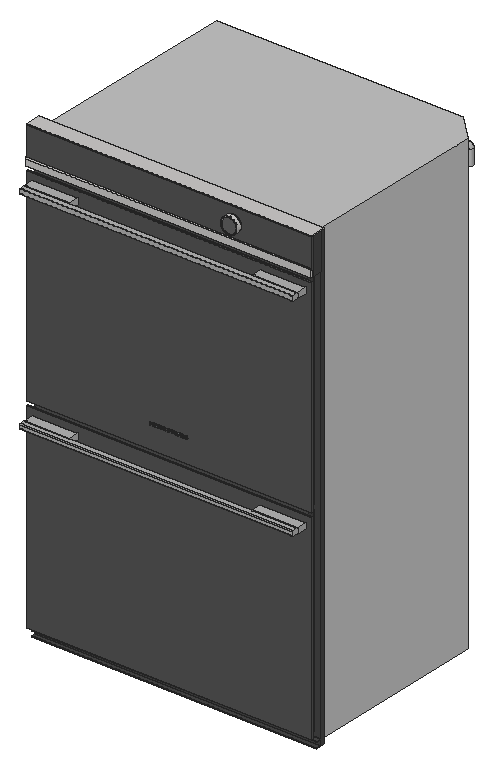
Revit family "FP-Revit18-OB30DDPTDX2-Oven-0-9000xxxxA", category Specialty Equipment, Revit 2018
Family settings
  Round Connector Dimension = Use Diameter
  Part Type = Normal
  OmniClass Number = 23.40.40.14.17.11
  OmniClass Title = Cookers, Ovens, Stoves
  Work Plane-Based = No
  Always vertical = Yes
  Cut with Voids When Loaded = Yes
  Shared = No
  Room Calculation Point = No
Parameters (values of type "OB30DDPTDX2")
  Visibility - Long Trim (Flush Installation) [instance] = no
  Visibility - Clearance Required = yes
  URL = "www.fisherpaykel.com"
  Product - Width = 760 mm  # constant formula
  Product - Height = 1232 mm  # constant formula
  Product - Depth = 609 mm  # constant formula
  Model = "OB30DDPTDX2"
  Material - Trim = Fisher & Paykel - Stainless Steel
  Material - Structure = Fisher & Paykel - Black
  Material - Logo = Fisher & Paykel - Graphics Grey
  Material - Handle = Fisher & Paykel - Aluminium
  Material - Glass = Fisher & Paykel - Glass, Black
  Material - Buttons and Dials = Fisher & Paykel - Stainless Steel
  Material - Body = Fisher & Paykel - Grey
  Manufacturer = "Fisher & Paykel Appliances"
  FFL Offset [instance] = 100 mm
  Description = "30\" Self Cleaning Double Oven"
  Connector Note - Electrical = "208-240 V, 60 Hz, 33.2-38.3 A, 7.0-9.2 kW Max Load"
  Chassis - Width = 720 mm  # constant formula
  Chassis - Height = 1218 mm  # constant formula
  Chassis - Depth = 569 mm  # constant formula
  Cavity - Width = 724 mm  # constant formula
  Cavity - Height = 1224 mm  # constant formula
  Cavity - Depth = 575 mm  # constant formula
  Cabinet - Height = 1236 mm  # constant formula
Reference planes
  plane 1 "Center (Front/Back)": y = 0
  plane 2: z = 0
  plane 3 "Center (Left/Right)": x = 0
  plane 4 "Cabinet - Height": z = 1336
  plane 5 "Product - Height": z = 1332
  plane 6 "Product LHS": x = -380
  plane 7 "Product RHS": x = 380
  plane 8 "Product - Depth": y = 569
  plane 9 "Cavity LHS": x = -382
  plane 10 "Cavity RHS": x = 382
  plane 11 "Cavity - Depth": y = 575
  plane 12 "Front Face": y = -40
  plane 13 "FFL Offset": z = 100
  plane 14 "Cavity - Height": z = 1324
Forms (mm)
  Extrusion 1, solid, material "Fisher & Paykel - Grey" <- "Material - Body"
    sketch origin (0, 0, 0) x (1, 0, 0) y (0, 1, 0)
      loop
        line (-359.809, 0) -> (360.191, 0) -> (360.191, 503) -> (294.191, 569) -> (-359.809, 569) -> (-359.809, 0)
    from 100 to 1318
  Extrusion 2, solid, material "Fisher & Paykel - Clearance Required", visible <- "Visibility - Clearance Required", detail levels coarse
    sketch origin (0, 0, 0) x (1, 0, 0) y (0, 1, 0)
      loop
        line (-361.809, 0) -> (362.191, 0) -> (362.191, 575) -> (-361.809, 575) -> (-361.809, 0)
    from 100 to 1324
  Extrusion 3, solid, material "Fisher & Paykel - Black" <- "Material - Structure"
    sketch origin (0, 0, 0) x (0, 1, 0) y (0, 0, 1)
      loop
        line (-11, 1329.1) -> (-11, 117.834) -> (-21.5, 115.02) -> (-21.254, 114.102) -> (-11, 116.85) -> (-11, 101.95) -> (-22, 101.95) -> (-22, 100) -> (0, 100) -> (0, 1329.1) -> (-11, 1329.1)
    from -380 to 380
  Extrusion 4, solid, material "Fisher & Paykel - Black" <- "Material - Structure"
    sketch origin (0, 0, 0) x (0, 1, 0) y (0, 0, 1)
      loop
        line (-36, 1329.1) -> (-36, 1232.1) -> (-11, 1232.1) -> (-11, 1329.1) -> (-36, 1329.1)
    from -380 to 380
  Extrusion 5, solid, material "Fisher & Paykel - Black" <- "Material - Structure"
    sketch origin (0, 0, 0) x (0, 1, 0) y (0, 0, 1)
      loop
        line (-16.2, 658.03) -> (-36, 658.03) -> (-36, 129) -> (-16.2, 129) -> (-16.2, 658.03)
      loop
        line (-16.2, 669.765) -> (-16.2, 1219.8) -> (-36, 1219.8) -> (-36, 669.765) -> (-16.2, 669.765)
    from -365 to 363.494
  Extrusion 6, solid, material "Fisher & Paykel - Black" <- "Material - Structure"
    sketch origin (0, 0, 0) x (0, 1, 0) y (0, 0, 1)
      loop
        line (-16.2, 658.03) -> (-16.2, 129) -> (-11, 129) -> (-11, 658.03) -> (-16.2, 658.03)
      loop
        line (-16.2, 1219.8) -> (-16.2, 669.765) -> (-11, 669.765) -> (-11, 1219.8) -> (-16.2, 1219.8)
    from -361 to 361
  Extrusion 7, solid, material "Fisher & Paykel - Glass, Black" <- "Material - Glass"
    sketch origin (0, 0, 0) x (0, 1, 0) y (0, 0, 1)
      loop
        line (-40, 658.03) -> (-40, 129) -> (-36, 129) -> (-36, 658.03) -> (-40, 658.03)
      loop
        line (-40, 1219.8) -> (-40, 669.765) -> (-36, 669.765) -> (-36, 1219.8) -> (-40, 1219.8)
    from -380 to 380
  Extrusion 8, solid, material "Fisher & Paykel - Glass, Black" <- "Material - Glass"
    sketch origin (0, 0, 0) x (0, 1, 0) y (0, 0, 1)
      loop
        line (-40, 1328.774) -> (-40, 1232.1) -> (-36, 1232.1) -> (-36, 1328.774) -> (-40, 1328.774)
    from -380 to 380
  Extrusion 9, solid, material "Fisher & Paykel - Stainless Steel" <- "Material - Trim", detail levels fine
    sketch origin (0, 0, 0) x (0, 1, 0) y (0, 0, 1)
      loop
        line (-41.95, 1249.631) -> (-41.95, 1232.1) -> (-40, 1232.1) -> (-40, 1251.742) -> (-40.8, 1251.742) -> (-41.95, 1249.631)
    from -380 to 380
  Extrusion 10, solid, material "Fisher & Paykel - Clearance Required", visible <- "Visibility - Clearance Required", detail levels coarse
    sketch origin (0, -2000, 0) x (0, 1, 0) y (0, 0, 1)
      loop
        line (2000, 1336) -> (1959.829, 1336) -> (1959.829, 1219.286)
        arc (1959.829, 1219.286) -> (1571.259, 1058.335) -> (1410.308, 669.765) r 549.521
        line (1410.308, 669.765) -> (1960, 669.765) -> (1960, 658.343)
        arc (1960, 658.343) -> (1586.132, 503.065) -> (1431.328, 129) r 529.343
        line (1431.328, 129) -> (1960, 129) -> (1960, 100) -> (2000, 100) -> (2000, 1336)
    from -382 to 382
  Extrusion 11, solid, material "Fisher & Paykel - Stainless Steel" <- "Material - Trim"
    sketch origin (0, 0, 0) x (0, 1, 0) y (0, 0, 1)
      loop
        line (-40, 1329.1) -> (0, 1329.1) -> (0, 1332) -> (-40, 1332) -> (-40, 1329.1)
    from -380 to 380
  Extrusion 12, void
    sketch origin (0, 0, 0) x (1, 0, 0) y (0, 1, 0)
      loop
        line (-361.809, 575) -> (-361.809, 0) -> (362.191, 0) -> (362.191, 575) -> (-361.809, 575)
    from 100 to 1324
  Extrusion 13, void
    sketch origin (0, 0, 0) x (1, 0, 0) y (0, 1, 0)
      loop
        line (-382, 0) -> (-382, -40) -> (382, -40) -> (382, 0) -> (-382, 0)
    from 100 to 1336
  Extrusion 14, solid, material "Fisher & Paykel - Aluminium" <- "Material - Handle", detail levels fine
    sketch origin (8.022, -41, 1194.813) x (0, 1, 0) y (0, 0, 1)
      loop
        arc (-26.813, 6.16) -> (-27.196, 6.554) -> (-27.728, 6.686) r 1
        line (-27.728, 6.686) -> (-40.035, 6.256)
        arc (-40.035, 6.256) -> (-40.719, 5.951) -> (-41, 5.257) r 1
        line (-41, 5.257) -> (-41, -5.257)
        arc (-41, -5.257) -> (-40.719, -5.951) -> (-40.035, -6.256) r 1
        line (-40.035, -6.256) -> (-27.709, -6.686)
        arc (-27.709, -6.686) -> (-27.175, -6.554) -> (-26.792, -6.158) r 1
        arc (-26.792, -6.158) -> (-25.256, 0.004) -> (-26.813, 6.16) r 13.038
    from -371.522 to 355.478
  Extrusion 15, solid, material "Fisher & Paykel - Aluminium" <- "Material - Handle", detail levels fine
    sketch origin (8.022, -41, 1194.813) x (0, 1, 0) y (0, 0, 1)
      loop
        arc (-26.626, -6.008) -> (-26.614, -6.49) -> (-26.2, -6.737) r 0.5
        line (-26.2, -6.737) -> (1, -7.732) -> (1, 7.741) -> (-26.174, 6.747)
        arc (-26.174, 6.747) -> (-26.587, 6.5) -> (-26.6, 6.019) r 0.5
        arc (-26.6, 6.019) -> (-25.156, 0.002) -> (-26.626, -6.008) r 13.136
    from 235.478 to 355.478
  Extrusion 16, solid, material "Fisher & Paykel - Aluminium" <- "Material - Handle", detail levels coarse+medium
    sketch origin (8.022, -42, 1194.813) x (1, 0, 0) y (0, 1, 0)
      loop
        line (-371.522, -40) -> (355.478, -40) -> (355.478, 2) -> (235.478, 2) -> (235.478, -24.334) -> (-251.522, -24.334) -> (-251.522, 2) -> (-371.522, 2) -> (-371.522, -40)
    from -8.022 to 7.978
  Extrusion 17, solid, material "Fisher & Paykel - Aluminium" <- "Material - Handle", detail levels fine
    sketch origin (8.022, -41, 1194.813) x (0, 1, 0) y (0, 0, 1)
      loop
        arc (-26.626, -6.008) -> (-26.614, -6.49) -> (-26.2, -6.737) r 0.5
        line (-26.2, -6.737) -> (1, -7.732) -> (1, 7.741) -> (-26.174, 6.747)
        arc (-26.174, 6.747) -> (-26.587, 6.5) -> (-26.6, 6.019) r 0.5
        arc (-26.6, 6.019) -> (-25.156, 0.002) -> (-26.626, -6.008) r 13.136
    from -371.522 to -251.522
  Extrusion 18, solid, material "Fisher & Paykel - Aluminium" <- "Material - Handle", not visible, detail levels fine
    sketch origin (8.022, -2041, 719.648) x (0, 1, 0) y (0, 0, 1)
      loop
        arc (-26.813, 6.16) -> (-27.196, 6.554) -> (-27.728, 6.686) r 1
        line (-27.728, 6.686) -> (-40.035, 6.256)
        arc (-40.035, 6.256) -> (-40.719, 5.951) -> (-41, 5.257) r 1
        line (-41, 5.257) -> (-41, -5.257)
        arc (-41, -5.257) -> (-40.719, -5.951) -> (-40.035, -6.256) r 1
        line (-40.035, -6.256) -> (-27.709, -6.686)
        arc (-27.709, -6.686) -> (-27.175, -6.554) -> (-26.792, -6.158) r 1
        arc (-26.792, -6.158) -> (-25.256, 0.004) -> (-26.813, 6.16) r 13.038
    from -371.522 to 355.478
  Extrusion 19, solid, material "Fisher & Paykel - Aluminium" <- "Material - Handle", not visible, detail levels fine
    sketch origin (8.022, -2041, 719.648) x (0, 1, 0) y (0, 0, 1)
      loop
        arc (-26.626, -6.008) -> (-26.614, -6.49) -> (-26.2, -6.737) r 0.5
        line (-26.2, -6.737) -> (1, -7.732) -> (1, 7.741) -> (-26.174, 6.747)
        arc (-26.174, 6.747) -> (-26.587, 6.5) -> (-26.6, 6.019) r 0.5
        arc (-26.6, 6.019) -> (-25.156, 0.002) -> (-26.626, -6.008) r 13.136
    from 235.478 to 355.478
  Extrusion 20, solid, material "Fisher & Paykel - Aluminium" <- "Material - Handle", not visible, detail levels coarse+medium
    sketch origin (8.022, -2042, 719.648) x (1, 0, 0) y (0, 1, 0)
      loop
        line (-371.522, -40) -> (355.478, -40) -> (355.478, 2) -> (235.478, 2) -> (235.478, -24.334) -> (-251.522, -24.334) -> (-251.522, 2) -> (-371.522, 2) -> (-371.522, -40)
    from -8.022 to 7.978
  Extrusion 21, solid, material "Fisher & Paykel - Aluminium" <- "Material - Handle", not visible, detail levels fine
    sketch origin (8.022, -2041, 719.648) x (0, 1, 0) y (0, 0, 1)
      loop
        arc (-26.626, -6.008) -> (-26.614, -6.49) -> (-26.2, -6.737) r 0.5
        line (-26.2, -6.737) -> (1, -7.732) -> (1, 7.741) -> (-26.174, 6.747)
        arc (-26.174, 6.747) -> (-26.587, 6.5) -> (-26.6, 6.019) r 0.5
        arc (-26.6, 6.019) -> (-25.156, 0.002) -> (-26.626, -6.008) r 13.136
    from -371.522 to -251.522
  Revolve 22, solid, material "Fisher & Paykel - Stainless Steel" <- "Material - Buttons and Dials", detail levels fine
    sketch origin (170, -40, 1287.377) x (0, 1, 0) y (0, 0, 1)
      loop
        line (0, 22) -> (-0.843, 22) -> (-0.843, 16.038) -> (-2.39, 16.038) -> (-2.39, 22) -> (-13.7, 22) -> (-13.7, 21.2) -> (-13.191, 20) -> (-8.9, 20) -> (-8.9, 0) -> (0, 0) -> (0, 22)
      axis (0, 0) -> (-13.7, 0)
    angle from 0 to 360
  Extrusion 23, solid, material "Fisher & Paykel - Stainless Steel, Dark", detail levels fine
    sketch origin (170, -40, 1287.377) x (1, 0, 0) y (0, 0, 1)
      loop
        circle (0, 0) r 19.45
    from 8.9 to 13.191
  Extrusion 24, solid, material "Fisher & Paykel - Stainless Steel" <- "Material - Buttons and Dials", detail levels coarse+medium
    sketch origin (170, -40, 1287.377) x (1, 0, 0) y (0, 0, 1)
      loop
        circle (0, 0) r 22
    from 0 to 13.7
  Extrusion 25, solid, material "Fisher & Paykel - Bezel Red", detail levels fine
    sketch origin (170, -40, 1287.377) x (1, 0, 0) y (0, 0, 1)
      loop
        circle (0, 0) r 19.45
      loop
        circle (0, 0) r 20
    from 2.39 to 13.191
  Extrusion 26, solid, material "Fisher & Paykel - Graphics Grey" <- "Material - Logo", detail levels fine
    sketch origin (0, -40, -269.8) x (1, 0, 0) y (0, 0, 1)
      loop
        line (-50.044, 1000) -> (-48.47, 1000) -> (-48.47, 1002.138) -> (-46.011, 1002.138) -> (-46.011, 1003.472) -> (-48.47, 1003.472) -> (-48.47, 1004.712) -> (-45.795, 1004.712) -> (-45.795, 1006.04) -> (-50.044, 1006.04) -> (-50.044, 1000)
      loop
        line (-42.804, 1006.04) -> (-42.804, 1000) -> (-41.23, 1000) -> (-41.23, 1006.04) -> (-42.804, 1006.04)
      loop
        line (-30.724, 1006.04) -> (-30.724, 1000) -> (-29.151, 1000) -> (-29.151, 1002.42) -> (-26.839, 1002.42) -> (-26.839, 1000) -> (-25.265, 1000) -> (-25.265, 1006.04) -> (-26.839, 1006.04) -> (-26.839, 1003.748) -> (-29.151, 1003.748) -> (-29.151, 1006.04) -> (-30.724, 1006.04)
      loop
        line (-21.906, 1006.04) -> (-21.906, 1000) -> (-17.602, 1000) -> (-17.602, 1001.328) -> (-20.347, 1001.328) -> (-20.347, 1002.42) -> (-17.838, 1002.42) -> (-17.838, 1003.748) -> (-20.347, 1003.748) -> (-20.347, 1004.712) -> (-17.602, 1004.712) -> (-17.602, 1006.04) -> (-21.906, 1006.04)
      loop
        line (45.667, 1006.04) -> (45.667, 1000) -> (49.956, 1000) -> (49.956, 1001.328) -> (47.241, 1001.328) -> (47.241, 1006.04) -> (45.667, 1006.04)
      loop
        line (42.431, 1006.04) -> (38.112, 1006.04) -> (38.112, 1000) -> (42.431, 1000) -> (42.431, 1001.328) -> (39.687, 1001.328) -> (39.687, 1002.42) -> (42.195, 1002.42) -> (42.195, 1003.748) -> (39.687, 1003.748) -> (39.687, 1004.712) -> (42.431, 1004.712) -> (42.431, 1006.04)
      loop
        line (33.451, 1003.148) -> (35.683, 1006.04) -> (33.844, 1006.04) -> (31.915, 1003.542) -> (31.915, 1006.04) -> (30.342, 1006.04) -> (30.342, 1000) -> (31.915, 1000) -> (31.915, 1002.705) -> (33.903, 1000) -> (35.763, 1000) -> (33.451, 1003.148)
      loop
        line (21.98, 1006.04) -> (24.262, 1002.42) -> (24.262, 1000) -> (25.837, 1000) -> (25.837, 1002.341) -> (28.119, 1006.04) -> (26.446, 1006.04) -> (25.099, 1003.707) -> (23.753, 1006.04) -> (21.98, 1006.04)
      loop
        line (18.479, 1006.04) -> (16.983, 1006.04) -> (14.524, 1000) -> (16.069, 1000) -> (16.501, 1001.112) -> (18.921, 1001.112) -> (19.354, 1000) -> (20.938, 1000) -> (18.479, 1006.04)
      loop
        line (18.4, 1002.439) -> (17.693, 1004.174) -> (17.018, 1002.439) -> (18.4, 1002.439)
      loop
        line (8.031, 1006.04) -> (8.031, 1000) -> (9.605, 1000) -> (9.605, 1001.938) -> (10.599, 1001.938)
        arc (10.599, 1001.938) -> (12.65, 1003.989) -> (10.599, 1006.04) r 2.051
        line (10.599, 1006.04) -> (8.031, 1006.04)
      loop
        line (9.605, 1004.712) -> (9.605, 1003.197) -> (10.501, 1003.197)
        arc (10.501, 1003.197) -> (11.259, 1003.954) -> (10.501, 1004.712) r 0.757
        line (10.501, 1004.712) -> (9.605, 1004.712)
      loop
        line (-11.783, 1006.04) -> (-14.366, 1006.04) -> (-14.366, 1000) -> (-12.792, 1000) -> (-12.792, 1001.336) -> (-11.992, 1001.336) -> (-10.972, 1000) -> (-9.153, 1000) -> (-10.694, 1001.973)
        arc (-10.694, 1001.973) -> (-9.678, 1004.424) -> (-11.783, 1006.04) r 2.179
      loop
        line (-11.897, 1004.712) -> (-12.792, 1004.712) -> (-12.792, 1003.053) -> (-11.897, 1003.053)
        arc (-11.897, 1003.053) -> (-11.068, 1003.882) -> (-11.897, 1004.712) r 0.83
      loop
        line (0.477, 1004.712) -> (0.477, 1006.153) -> (-3.575, 1006.153) -> (-3.575, 1004.851) -> (-2.974, 1004.112)
        arc (-2.974, 1004.112) -> (-3.51, 1000.684) -> (-0.045, 1000.512) r 2.334
        line (-0.045, 1000.512) -> (0.46, 999.891) -> (2.246, 999.891) -> (0.86, 1001.594) -> (2.061, 1003.324) -> (0.443, 1003.324) -> (-0.013, 1002.667) -> (-1.677, 1004.712) -> (0.477, 1004.712)
      loop
        arc (-2.125, 1003.068) -> (-2.269, 1001.668) -> (-0.868, 1001.524) r 0.996
        line (-0.868, 1001.524) -> (-2.125, 1003.068)
      loop
        line (-35.18, 1003.634) -> (-36.516, 1003.91)
        arc (-36.516, 1003.91) -> (-37.049, 1004.443) -> (-36.516, 1004.976) r 0.533
        arc (-36.516, 1004.976) -> (-35.235, 1004.79) -> (-34.059, 1004.248) r 4.505
        line (-34.059, 1004.248) -> (-34.059, 1005.743)
        arc (-34.059, 1005.743) -> (-35.549, 1006.179) -> (-37.1, 1006.109) r 4.726
        arc (-37.1, 1006.109) -> (-38.536, 1004.335) -> (-37.1, 1002.561) r 1.814
        line (-37.1, 1002.561) -> (-35.754, 1002.282)
        arc (-35.754, 1002.282) -> (-35.221, 1001.749) -> (-35.754, 1001.216) r 0.533
        arc (-35.754, 1001.216) -> (-37.035, 1001.402) -> (-38.211, 1001.945) r 4.505
        line (-38.211, 1001.945) -> (-38.211, 1000.449)
        arc (-38.211, 1000.449) -> (-36.72, 1000.013) -> (-35.169, 1000.083) r 4.726
        arc (-35.169, 1000.083) -> (-33.734, 1001.863) -> (-35.18, 1003.634) r 1.814
    from 0 to 0.8
  Extrusion 27, solid, material "Fisher & Paykel - Grey" <- "Material - Body"
    sketch origin (327.191, 536, 1279) x (0.707107, -0.707107, 0) y (0, 0, 1)
      loop
        circle (0, 0) r 14.523
      loop
        circle (0, 0) r 7.273
    from -3.02 to 0
  Sweep 28, solid, material "Fisher & Paykel - Grey" <- "Material - Body"
    path origin (327.191, 536, 1279) x (0.707107, 0.707107, 0) y (0, 0, 1)
      loop
        line (0, 0) -> (2.546, 0)
        arc (2.546, 0) -> (8.203, -2.343) -> (10.546, -8) r 8
        line (10.546, -8) -> (10.546, -49.977)
    profile origin (328.091, 536.9, 1279) x (0, 0, 1) y (0.707107, -0.707107, 0)
      loop
        circle (0, 0) r 7.273
  Extrusion 29, solid, material "Fisher & Paykel - Grey" <- "Material - Body", not visible
    sketch origin (327.191, 536, 797.625) x (0.707107, -0.707107, 0) y (0, 0, 1)
      loop
        circle (0, 0) r 14.523
      loop
        circle (0, 0) r 7.273
    from -3.02 to 0
  Sweep 30, solid, material "Fisher & Paykel - Grey" <- "Material - Body", not visible
    path origin (327.191, 536, 797.625) x (0.707107, 0.707107, 0) y (0, 0, 1)
      loop
        line (0, 0) -> (2.546, 0)
        arc (2.546, 0) -> (8.203, -2.343) -> (10.546, -8) r 8
        line (10.546, -8) -> (10.546, -49.977)
    profile origin (328.091, 536.9, 797.625) x (0, 0, 1) y (0.707107, -0.707107, 0)
      loop
        circle (0, 0) r 7.273
  Extrusion 31, solid, material "Fisher & Paykel - Aluminium" <- "Material - Handle", detail levels fine
    sketch origin (8.022, -41, 633.113) x (0, 1, 0) y (0, 0, 1)
      loop
        arc (-26.813, 6.16) -> (-27.196, 6.554) -> (-27.728, 6.686) r 1
        line (-27.728, 6.686) -> (-40.035, 6.256)
        arc (-40.035, 6.256) -> (-40.719, 5.951) -> (-41, 5.257) r 1
        line (-41, 5.257) -> (-41, -5.257)
        arc (-41, -5.257) -> (-40.719, -5.951) -> (-40.035, -6.256) r 1
        line (-40.035, -6.256) -> (-27.709, -6.686)
        arc (-27.709, -6.686) -> (-27.175, -6.554) -> (-26.792, -6.158) r 1
        arc (-26.792, -6.158) -> (-25.256, 0.004) -> (-26.813, 6.16) r 13.038
    from -371.522 to 355.478
  Extrusion 32, solid, material "Fisher & Paykel - Aluminium" <- "Material - Handle", detail levels fine
    sketch origin (8.022, -41, 633.113) x (0, 1, 0) y (0, 0, 1)
      loop
        arc (-26.626, -6.008) -> (-26.614, -6.49) -> (-26.2, -6.737) r 0.5
        line (-26.2, -6.737) -> (1, -7.732) -> (1, 7.741) -> (-26.174, 6.747)
        arc (-26.174, 6.747) -> (-26.587, 6.5) -> (-26.6, 6.019) r 0.5
        arc (-26.6, 6.019) -> (-25.156, 0.002) -> (-26.626, -6.008) r 13.136
    from 235.478 to 355.478
  Extrusion 33, solid, material "Fisher & Paykel - Aluminium" <- "Material - Handle", detail levels coarse+medium
    sketch origin (8.022, -42, 633.113) x (1, 0, 0) y (0, 1, 0)
      loop
        line (-371.522, -40) -> (355.478, -40) -> (355.478, 2) -> (235.478, 2) -> (235.478, -24.334) -> (-251.522, -24.334) -> (-251.522, 2) -> (-371.522, 2) -> (-371.522, -40)
    from -8.022 to 7.978
  Extrusion 34, solid, material "Fisher & Paykel - Aluminium" <- "Material - Handle", detail levels fine
    sketch origin (8.022, -41, 633.113) x (0, 1, 0) y (0, 0, 1)
      loop
        arc (-26.626, -6.008) -> (-26.614, -6.49) -> (-26.2, -6.737) r 0.5
        line (-26.2, -6.737) -> (1, -7.732) -> (1, 7.741) -> (-26.174, 6.747)
        arc (-26.174, 6.747) -> (-26.587, 6.5) -> (-26.6, 6.019) r 0.5
        arc (-26.6, 6.019) -> (-25.156, 0.002) -> (-26.626, -6.008) r 13.136
    from -371.522 to -251.522
  Revolve 35, solid, material "Fisher & Paykel - Stainless Steel" <- "Material - Buttons and Dials", not visible, detail levels fine
    sketch origin (170, -40, 1287.377) x (0, 1, 0) y (0, 0, 1)
      loop
        line (0, 22) -> (-0.843, 22) -> (-0.843, 16.038) -> (-2.39, 16.038) -> (-2.39, 22) -> (-13.7, 22) -> (-13.7, 21.2) -> (-13.191, 20) -> (-8.9, 20) -> (-8.9, 0) -> (0, 0) -> (0, 22)
      axis (0, 0) -> (-13.7, 0)
    angle from 0 to 360
  Extrusion 36, solid, material "Fisher & Paykel - Stainless Steel, Dark", not visible, detail levels fine
    sketch origin (170, -40, 1287.377) x (1, 0, 0) y (0, 0, 1)
      loop
        circle (0, 0) r 19.45
    from 8.9 to 13.191
  Extrusion 37, solid, material "Fisher & Paykel - Stainless Steel" <- "Material - Buttons and Dials", not visible, detail levels coarse+medium
    sketch origin (170, -40, 1287.377) x (1, 0, 0) y (0, 0, 1)
      loop
        circle (0, 0) r 22
    from 0 to 13.7
  Extrusion 38, solid, material "Fisher & Paykel - Bezel Red", not visible, detail levels fine
    sketch origin (170, -40, 1287.377) x (1, 0, 0) y (0, 0, 1)
      loop
        circle (0, 0) r 19.45
      loop
        circle (0, 0) r 20
    from 2.39 to 13.191
  Extrusion 39, solid, material "Fisher & Paykel - Black" <- "Material - Structure", visible <- "Visibility - Long Trim (Flush Installation)"
    sketch origin (0, 0, 0) x (0, 1, 0) y (0, 0, 1)
      loop
        line (0, 100) -> (0, 101.95) -> (-39, 101.95) -> (-39, 100) -> (0, 100)
    from -380 to 380
Lines and regions (mm)
  model lines, style "Fisher & Paykel"
    curve 1: line (-53.809, -40, 1322.5) -> (54.191, -40, 1322.5)
    curve 2: line (-53.809, -40, 1257.7) -> (-53.809, -40, 1322.5)
    curve 3: line (54.191, -40, 1257.7) -> (-53.809, -40, 1257.7)
    curve 4: line (54.191, -40, 1322.5) -> (54.191, -40, 1257.7)
Text (mm)
  text "Due to ongoing product development, product details are subject to change without notice. \nPlease always refer to www.fisherpaykel.com for the most current product information. \n© Fisher & Paykel 2020" at (41.04, -678.295, 0), in view "Ref. Level (Plan)"
Dimensions and locks
  equal spacing: plane 6 "Product LHS", plane 3 "Center (Left/Right)", plane 7 "Product RHS"
  "Product - Width": plane 6 "Product LHS" to plane 7 "Product RHS"
  "Chassis - Depth": plane 1 "Center (Front/Back)" to plane 8 "Product - Depth"
  equal spacing: plane 9 "Cavity LHS", plane 3 "Center (Left/Right)", plane 10 "Cavity RHS"
  "Cavity - Depth": plane 11 "Cavity - Depth" to plane 1 "Center (Front/Back)"
  "Cavity - Width": Extrusion 2 to Extrusion 2
  "Chassis - Width": Extrusion 1 to Extrusion 1
  plane 12 "Front Face" to plane 1 "Center (Front/Back)" = 40 mm
  "FFL Offset": plane 13 "FFL Offset" to level
  "Chassis - Height": Extrusion 1 to plane 13 "FFL Offset"
  "Product - Height": plane 5 "Product - Height" to plane 13 "FFL Offset"
  "Cabinet - Height": plane 4 "Cabinet - Height" to plane 13 "FFL Offset"
  "Cavity - Height": plane 14 "Cavity - Height" to plane 13 "FFL Offset"
  locked: Extrusion 3 sketch curve to plane 13 "FFL Offset" at 1.95
  locked: Extrusion 3 sketch curve to plane 13 "FFL Offset" at 15.02
  locked: Extrusion 3 sketch curve to plane 13 "FFL Offset" at 17.834
  locked: Extrusion 5 to plane 13 "FFL Offset" at 569.765
  locked: plane 5 "Product - Height" to Extrusion 16 at 129.209
  locked: plane 5 "Product - Height" to Extrusion 25 at 44.623
  locked: plane 5 "Product - Height" to Extrusion 33 at 690.909
  locked: Extrusion 26 to plane 5 "Product - Height" at 601.909
  locked: plane 5 "Product - Height" to Sweep 28 at 102.977
  locked: Extrusion 26 to plane 13 "FFL Offset" at 630.2
  locked: plane 9 "Cavity LHS" to plane 10 "Cavity RHS" at 764
  aligned and locked: level to plane 2
  aligned and locked: plane 6 "Product LHS" to Extrusion 3
  aligned and locked: Extrusion 3 to plane 7 "Product RHS"
  aligned and locked: plane 9 "Cavity LHS" to Extrusion 10
  aligned and locked: Extrusion 10 to plane 10 "Cavity RHS"
  aligned and locked: plane 5 "Product - Height" to Extrusion 11 sketch curve
  aligned and locked: Extrusion 1 to plane 13 "FFL Offset"
  aligned and locked: Extrusion 2 to Extrusion 1
  aligned and locked: plane 14 "Cavity - Height" to Extrusion 2
  aligned and locked: plane 13 "FFL Offset" to Extrusion 3 sketch curve
  aligned and locked: Extrusion 5 to Extrusion 6
  aligned and locked: Extrusion 7 to Extrusion 5  (x2)
  aligned and locked: Extrusion 10 sketch curve to plane 13 "FFL Offset"
  aligned and locked: Extrusion 10 to Extrusion 5
  aligned and locked: Extrusion 13 to Extrusion 1
  aligned and locked: plane 4 "Cabinet - Height" to Extrusion 13
  aligned and locked: Extrusion 12 to Extrusion 1
  aligned and locked: Extrusion 12 to Extrusion 2
  aligned and locked: Extrusion 10 sketch curve to Extrusion 7
  aligned and locked: Extrusion 7 to Extrusion 6
Automatic sketch dimensions
  Extrusion 14 sketch curve to Extrusion 14 sketch curve = 0.965 mm  (x2)
  Extrusion 14 sketch curve to Extrusion 14 sketch curve = 0.035 mm  (x4)
  Extrusion 14 sketch curve to Extrusion 14 sketch curve = 1.706 mm
  Extrusion 14 sketch curve to Extrusion 14 sketch curve = 12.307 mm
  Extrusion 14 sketch curve to Extrusion 14 sketch curve = 12.326 mm
  Extrusion 14 sketch curve to Extrusion 14 sketch curve = 0.999 mm  (x2)
  Extrusion 14 sketch curve to Extrusion 14 sketch curve = 5.238 mm
  Extrusion 14 sketch curve to Extrusion 14 sketch curve = 0 mm
  Extrusion 15 sketch curve to Extrusion 15 sketch curve = 12.091 mm
  Extrusion 15 sketch curve to Extrusion 15 sketch curve = 0.018 mm  (x2)
  Extrusion 15 sketch curve to Extrusion 15 sketch curve = 0.008 mm
  Extrusion 15 sketch curve to Extrusion 15 sketch curve = 27.174 mm
  Extrusion 15 sketch curve to Extrusion 15 sketch curve = 15.473 mm
  Extrusion 15 sketch curve to Extrusion 15 sketch curve = 0.5 mm  (x2)
  Extrusion 15 sketch curve to Extrusion 15 sketch curve = 0 mm
  Extrusion 17 sketch curve to Extrusion 17 sketch curve = 12.091 mm
  Extrusion 17 sketch curve to Extrusion 17 sketch curve = 0.018 mm  (x2)
  Extrusion 17 sketch curve to Extrusion 17 sketch curve = 0.008 mm
  Extrusion 17 sketch curve to Extrusion 17 sketch curve = 27.174 mm
  Extrusion 17 sketch curve to Extrusion 17 sketch curve = 15.473 mm
  Extrusion 17 sketch curve to Extrusion 17 sketch curve = 0.5 mm  (x2)
  Extrusion 17 sketch curve to Extrusion 17 sketch curve = 0 mm
  Extrusion 14 sketch curve to Extrusion 14 sketch curve = 0.43 mm
  Extrusion 14 sketch curve to Extrusion 14 sketch curve = 5.275 mm
  Extrusion 14 sketch curve to Extrusion 14 sketch curve = 11.374 mm
  Extrusion 15 sketch curve to Extrusion 15 sketch curve = 0.995 mm
  Extrusion 15 sketch curve to Extrusion 15 sketch curve = 6.268 mm
  Extrusion 15 sketch curve to Extrusion 15 sketch curve = 12.255 mm
  Extrusion 17 sketch curve to Extrusion 17 sketch curve = 0.995 mm
  Extrusion 17 sketch curve to Extrusion 17 sketch curve = 6.268 mm
  Extrusion 17 sketch curve to Extrusion 17 sketch curve = 12.255 mm
  Extrusion 16 sketch curve to Extrusion 16 sketch curve = 120 mm  (x2)
  Extrusion 16 sketch curve to Extrusion 16 sketch curve = 15.666 mm
  Extrusion 16 sketch curve to Extrusion 16 sketch curve = 26.334 mm  (x2)
  Extrusion 16 sketch curve to Extrusion 16 sketch curve = 487 mm
  Extrusion 18 sketch curve to Extrusion 18 sketch curve = 0.965 mm  (x2)
  Extrusion 18 sketch curve to Extrusion 18 sketch curve = 0.035 mm  (x4)
  Extrusion 18 sketch curve to Extrusion 18 sketch curve = 1.706 mm
  Extrusion 18 sketch curve to Extrusion 18 sketch curve = 12.307 mm
  Extrusion 18 sketch curve to Extrusion 18 sketch curve = 12.326 mm
  Extrusion 18 sketch curve to Extrusion 18 sketch curve = 0.999 mm  (x2)
  Extrusion 18 sketch curve to Extrusion 18 sketch curve = 5.238 mm
  Extrusion 18 sketch curve to Extrusion 18 sketch curve = 0 mm
  Extrusion 19 sketch curve to Extrusion 19 sketch curve = 12.091 mm
  Extrusion 19 sketch curve to Extrusion 19 sketch curve = 0.018 mm  (x2)
  Extrusion 19 sketch curve to Extrusion 19 sketch curve = 0.008 mm
  Extrusion 19 sketch curve to Extrusion 19 sketch curve = 27.174 mm
  Extrusion 19 sketch curve to Extrusion 19 sketch curve = 15.473 mm
  Extrusion 19 sketch curve to Extrusion 19 sketch curve = 0.5 mm  (x2)
  Extrusion 19 sketch curve to Extrusion 19 sketch curve = 0 mm
  Extrusion 21 sketch curve to Extrusion 21 sketch curve = 12.091 mm
  Extrusion 21 sketch curve to Extrusion 21 sketch curve = 0.018 mm  (x2)
  Extrusion 21 sketch curve to Extrusion 21 sketch curve = 0.008 mm
  Extrusion 21 sketch curve to Extrusion 21 sketch curve = 27.174 mm
  Extrusion 21 sketch curve to Extrusion 21 sketch curve = 15.473 mm
  Extrusion 21 sketch curve to Extrusion 21 sketch curve = 0.5 mm  (x2)
  Extrusion 21 sketch curve to Extrusion 21 sketch curve = 0 mm
  Extrusion 18 sketch curve to Extrusion 18 sketch curve = 0.43 mm
  Extrusion 18 sketch curve to Extrusion 18 sketch curve = 5.275 mm
  Extrusion 18 sketch curve to Extrusion 18 sketch curve = 11.374 mm
  Extrusion 19 sketch curve to Extrusion 19 sketch curve = 0.995 mm
  Extrusion 19 sketch curve to Extrusion 19 sketch curve = 6.268 mm
  Extrusion 19 sketch curve to Extrusion 19 sketch curve = 12.255 mm
  Extrusion 21 sketch curve to Extrusion 21 sketch curve = 0.995 mm
  Extrusion 21 sketch curve to Extrusion 21 sketch curve = 6.268 mm
  Extrusion 21 sketch curve to Extrusion 21 sketch curve = 12.255 mm
  Extrusion 20 sketch curve to Extrusion 20 sketch curve = 120 mm  (x2)
  Extrusion 20 sketch curve to Extrusion 20 sketch curve = 15.666 mm
  Extrusion 20 sketch curve to Extrusion 20 sketch curve = 26.334 mm  (x2)
  Extrusion 20 sketch curve to Extrusion 20 sketch curve = 487 mm
  Revolve 22 sketch curve to Revolve 22 sketch curve = 1.547 mm
  Revolve 22 sketch curve to Revolve 22 sketch curve = 6.51 mm
  Revolve 22 sketch curve to Revolve 22 sketch curve = 4.291 mm
  Revolve 22 sketch curve to Revolve 22 sketch curve = 0.509 mm
  Revolve 22 sketch curve to Revolve 22 sketch curve = 16.038 mm
  Revolve 22 sketch curve to Revolve 22 sketch curve = 3.962 mm
  Revolve 22 sketch curve to Revolve 22 sketch curve = 1.2 mm
  Revolve 22 sketch curve to Revolve 22 sketch curve = 0.8 mm
  Revolve 22 sketch curve to Revolve 22 sketch curve = 0 mm  (x3)
  Revolve 22 sketch curve to Revolve 22 sketch curve = 9.733 mm
  Revolve 22 sketch curve to Revolve 22 sketch curve = 8.9 mm
  Extrusion 27 sketch curve to Extrusion 27 sketch curve = 0 mm  (x4)
  Sweep 28 sketch curve to Sweep 28 sketch curve = 8 mm
  Sweep 28 sketch curve to Sweep 28 sketch curve = 2.546 mm
  Sweep 28 sketch curve to Sweep 28 sketch curve = 41.977 mm
  Sweep 28 sketch curve to profile plane = 0 mm  (x2)
  Extrusion 29 sketch curve to Extrusion 29 sketch curve = 0 mm  (x4)
  Sweep 30 sketch curve to Sweep 30 sketch curve = 8 mm
  Sweep 30 sketch curve to Sweep 30 sketch curve = 2.546 mm
  Sweep 30 sketch curve to Sweep 30 sketch curve = 41.977 mm
  Sweep 30 sketch curve to profile plane = 0 mm  (x2)
  Extrusion 31 sketch curve to Extrusion 31 sketch curve = 0.965 mm  (x2)
  Extrusion 31 sketch curve to Extrusion 31 sketch curve = 0.035 mm  (x4)
  Extrusion 31 sketch curve to Extrusion 31 sketch curve = 1.706 mm
  Extrusion 31 sketch curve to Extrusion 31 sketch curve = 12.307 mm
  Extrusion 31 sketch curve to Extrusion 31 sketch curve = 12.326 mm
  Extrusion 31 sketch curve to Extrusion 31 sketch curve = 0.999 mm  (x2)
  Extrusion 31 sketch curve to Extrusion 31 sketch curve = 5.238 mm
  Extrusion 31 sketch curve to Extrusion 31 sketch curve = 0 mm
  Extrusion 32 sketch curve to Extrusion 32 sketch curve = 12.091 mm
  Extrusion 32 sketch curve to Extrusion 32 sketch curve = 0.018 mm  (x2)
  Extrusion 32 sketch curve to Extrusion 32 sketch curve = 0.008 mm
  Extrusion 32 sketch curve to Extrusion 32 sketch curve = 27.174 mm
  Extrusion 32 sketch curve to Extrusion 32 sketch curve = 15.473 mm
  Extrusion 32 sketch curve to Extrusion 32 sketch curve = 0.5 mm  (x2)
  Extrusion 32 sketch curve to Extrusion 32 sketch curve = 0 mm
  Extrusion 34 sketch curve to Extrusion 34 sketch curve = 12.091 mm
  Extrusion 34 sketch curve to Extrusion 34 sketch curve = 0.018 mm  (x2)
  Extrusion 34 sketch curve to Extrusion 34 sketch curve = 0.008 mm
  Extrusion 34 sketch curve to Extrusion 34 sketch curve = 27.174 mm
  Extrusion 34 sketch curve to Extrusion 34 sketch curve = 15.473 mm
  Extrusion 34 sketch curve to Extrusion 34 sketch curve = 0.5 mm  (x2)
  Extrusion 34 sketch curve to Extrusion 34 sketch curve = 0 mm
  Extrusion 31 sketch curve to Extrusion 31 sketch curve = 0.43 mm
  Extrusion 31 sketch curve to Extrusion 31 sketch curve = 5.275 mm
  Extrusion 31 sketch curve to Extrusion 31 sketch curve = 11.374 mm
  Extrusion 32 sketch curve to Extrusion 32 sketch curve = 0.995 mm
  Extrusion 32 sketch curve to Extrusion 32 sketch curve = 6.268 mm
  Extrusion 32 sketch curve to Extrusion 32 sketch curve = 12.255 mm
  Extrusion 34 sketch curve to Extrusion 34 sketch curve = 0.995 mm
  Extrusion 34 sketch curve to Extrusion 34 sketch curve = 6.268 mm
  Extrusion 34 sketch curve to Extrusion 34 sketch curve = 12.255 mm
  Extrusion 33 sketch curve to Extrusion 33 sketch curve = 120 mm  (x2)
  Extrusion 33 sketch curve to Extrusion 33 sketch curve = 15.666 mm
  Extrusion 33 sketch curve to Extrusion 33 sketch curve = 26.334 mm  (x2)
  Extrusion 33 sketch curve to Extrusion 33 sketch curve = 487 mm
  plane 1 "Center (Front/Back)" to Extrusion 1 sketch curve = 0 mm
  Extrusion 1 sketch curve to plane 8 "Product - Depth" = 0 mm
  Extrusion 1 sketch curve to plane 6 "Product LHS" = 20.191 mm
  plane 7 "Product RHS" to Extrusion 1 sketch curve = 85.809 mm
  plane 7 "Product RHS" to Extrusion 1 sketch curve = 19.809 mm
  Extrusion 1 sketch curve to plane 8 "Product - Depth" = 66 mm
  plane 1 "Center (Front/Back)" to Extrusion 2 sketch curve = 0 mm
  plane 11 "Cavity - Depth" to Extrusion 2 sketch curve = 0 mm
  Extrusion 2 sketch curve to plane 6 "Product LHS" = 18.191 mm
  plane 7 "Product RHS" to Extrusion 2 sketch curve = 17.809 mm
  Extrusion 3 sketch curve to plane 1 "Center (Front/Back)" = 0 mm
  plane 1 "Center (Front/Back)" to Extrusion 3 sketch curve = 11 mm
  Extrusion 3 sketch curve to Extrusion 3 sketch curve = 0 mm
  Extrusion 3 sketch curve to Extrusion 3 sketch curve = 10.254 mm
  Extrusion 3 sketch curve to Extrusion 3 sketch curve = 0.246 mm
  Extrusion 3 sketch curve to Extrusion 3 sketch curve = 11 mm
  Extrusion 3 sketch curve to plane 5 "Product - Height" = 2.9 mm
  plane 12 "Front Face" to Extrusion 4 sketch curve = 4 mm
  plane 1 "Center (Front/Back)" to Extrusion 4 sketch curve = 11 mm
  Extrusion 4 sketch curve to plane 14 "Cavity - Height" = 91.9 mm
  Extrusion 4 sketch curve to plane 5 "Product - Height" = 2.9 mm
  Extrusion 8 sketch curve to plane 12 "Front Face" = 0 mm
  Extrusion 8 sketch curve to Extrusion 8 sketch curve = 4 mm
  Extrusion 8 sketch curve to plane 14 "Cavity - Height" = 91.9 mm
  Extrusion 8 sketch curve to plane 5 "Product - Height" = 3.226 mm
  Extrusion 9 sketch curve to plane 12 "Front Face" = 0 mm
  Extrusion 9 sketch curve to plane 12 "Front Face" = 0.8 mm
  Extrusion 9 sketch curve to plane 12 "Front Face" = 1.95 mm
  Extrusion 9 sketch curve to plane 14 "Cavity - Height" = 91.9 mm
  Extrusion 9 sketch curve to Extrusion 9 sketch curve = 17.531 mm
  Extrusion 9 sketch curve to Extrusion 9 sketch curve = 2.112 mm
  Extrusion 11 sketch curve to plane 12 "Front Face" = 0 mm
  Extrusion 11 sketch curve to plane 1 "Center (Front/Back)" = 0 mm
  Extrusion 11 sketch curve to plane 5 "Product - Height" = 2.9 mm
  plane 1 "Center (Front/Back)" to Extrusion 12 sketch curve = 0 mm
  Extrusion 12 sketch curve to plane 6 "Product LHS" = 18.191 mm
  plane 7 "Product RHS" to Extrusion 12 sketch curve = 17.809 mm
  plane 11 "Cavity - Depth" to Extrusion 12 sketch curve = 0 mm
  Extrusion 13 sketch curve to plane 9 "Cavity LHS" = 0 mm
  Extrusion 13 sketch curve to plane 10 "Cavity RHS" = 0 mm
  Extrusion 13 sketch curve to plane 12 "Front Face" = 0 mm
  plane 1 "Center (Front/Back)" to Extrusion 13 sketch curve = 0 mm
  curve 1 to plane 14 "Cavity - Height" = 1.5 mm
  plane 3 "Center (Left/Right)" to curve 1 = 54.191 mm
  curve 3 to plane 3 "Center (Left/Right)" = 53.809 mm
  curve 4 to curve 1 = 64.8 mm
  Extrusion 26 sketch curve to plane 9 "Cavity LHS" = 331.956 mm
  Extrusion 26 sketch curve to Extrusion 26 sketch curve = 1.574 mm  (x12)
  Extrusion 26 sketch curve to Extrusion 26 sketch curve = 2.459 mm
  Extrusion 26 sketch curve to Extrusion 26 sketch curve = 0.216 mm
  Extrusion 26 sketch curve to Extrusion 26 sketch curve = 3.207 mm
  Extrusion 26 sketch curve to Extrusion 26 sketch curve = 3.02 mm
  Extrusion 26 sketch curve to Extrusion 26 sketch curve = 1.11 mm
  Extrusion 26 sketch curve to Extrusion 26 sketch curve = 0.379 mm
  Extrusion 26 sketch curve to Extrusion 26 sketch curve = 0.206 mm  (x2)
  Extrusion 26 sketch curve to Extrusion 26 sketch curve = 0.36 mm  (x2)
  Extrusion 26 sketch curve to Extrusion 26 sketch curve = 0.402 mm
  Extrusion 26 sketch curve to Extrusion 26 sketch curve = 0 mm  (x21)
  Extrusion 26 sketch curve to Extrusion 26 sketch curve = 1.335 mm  (x2)
  Extrusion 26 sketch curve to Extrusion 26 sketch curve = 1.121 mm
  Extrusion 26 sketch curve to Extrusion 26 sketch curve = 3.335 mm
  Extrusion 26 sketch curve to Extrusion 26 sketch curve = 2.312 mm  (x2)
  Extrusion 26 sketch curve to Extrusion 26 sketch curve = 3.359 mm
  Extrusion 26 sketch curve to Extrusion 26 sketch curve = 1.559 mm
  Extrusion 26 sketch curve to Extrusion 26 sketch curve = 2.508 mm  (x2)
  Extrusion 26 sketch curve to Extrusion 26 sketch curve = 0.236 mm  (x4)
  Extrusion 26 sketch curve to Extrusion 26 sketch curve = 3.236 mm  (x2)
  Extrusion 26 sketch curve to Extrusion 26 sketch curve = 0.8 mm
  Extrusion 26 sketch curve to Extrusion 26 sketch curve = 0.895 mm
  Extrusion 26 sketch curve to Extrusion 26 sketch curve = 0.114 mm
  Extrusion 26 sketch curve to Extrusion 26 sketch curve = 1.02 mm
  Extrusion 26 sketch curve to Extrusion 26 sketch curve = 1.298 mm
  Extrusion 26 sketch curve to Extrusion 26 sketch curve = 1.82 mm
  Extrusion 26 sketch curve to Extrusion 26 sketch curve = 8.207 mm
  Extrusion 26 sketch curve to Extrusion 26 sketch curve = 0.602 mm
  Extrusion 26 sketch curve to Extrusion 26 sketch curve = 0.849 mm
  Extrusion 26 sketch curve to Extrusion 26 sketch curve = 0.425 mm
  Extrusion 26 sketch curve to Extrusion 26 sketch curve = 1.297 mm
  Extrusion 26 sketch curve to Extrusion 26 sketch curve = 0.203 mm
  Extrusion 26 sketch curve to Extrusion 26 sketch curve = 0.628 mm
  Extrusion 26 sketch curve to Extrusion 26 sketch curve = 0.824 mm
  Extrusion 26 sketch curve to Extrusion 26 sketch curve = 0.855 mm
  Extrusion 26 sketch curve to Extrusion 26 sketch curve = 0.456 mm
  Extrusion 26 sketch curve to Extrusion 26 sketch curve = 0.505 mm
  Extrusion 26 sketch curve to Extrusion 26 sketch curve = 0.034 mm  (x2)
  Extrusion 26 sketch curve to Extrusion 26 sketch curve = 0.873 mm
  Extrusion 26 sketch curve to Extrusion 26 sketch curve = 1.618 mm
  Extrusion 26 sketch curve to Extrusion 26 sketch curve = 1.785 mm
  Extrusion 26 sketch curve to Extrusion 26 sketch curve = 5.971 mm
  Extrusion 26 sketch curve to Extrusion 26 sketch curve = 0.896 mm
  Extrusion 26 sketch curve to Extrusion 26 sketch curve = 0.994 mm
  Extrusion 26 sketch curve to Extrusion 26 sketch curve = 3.925 mm
  Extrusion 26 sketch curve to Extrusion 26 sketch curve = 1.545 mm
  Extrusion 26 sketch curve to Extrusion 26 sketch curve = 0.433 mm  (x2)
  Extrusion 26 sketch curve to Extrusion 26 sketch curve = 0.482 mm
  Extrusion 26 sketch curve to Extrusion 26 sketch curve = 0.517 mm
  Extrusion 26 sketch curve to Extrusion 26 sketch curve = 0.675 mm
  Extrusion 26 sketch curve to Extrusion 26 sketch curve = 1.381 mm
  Extrusion 26 sketch curve to Extrusion 26 sketch curve = 1.495 mm
  Extrusion 26 sketch curve to Extrusion 26 sketch curve = 0.522 mm
  Extrusion 26 sketch curve to Extrusion 26 sketch curve = 1.584 mm
  Extrusion 26 sketch curve to Extrusion 26 sketch curve = 3.502 mm
  Extrusion 26 sketch curve to Extrusion 26 sketch curve = 1.772 mm
  Extrusion 26 sketch curve to Extrusion 26 sketch curve = 0.51 mm
  Extrusion 26 sketch curve to Extrusion 26 sketch curve = 0.837 mm
  Extrusion 26 sketch curve to Extrusion 26 sketch curve = 0.737 mm
  Extrusion 26 sketch curve to Extrusion 26 sketch curve = 2.694 mm
  Extrusion 26 sketch curve to Extrusion 26 sketch curve = 1.673 mm
  Extrusion 26 sketch curve to Extrusion 26 sketch curve = 2.223 mm
  Extrusion 26 sketch curve to Extrusion 26 sketch curve = 1.535 mm
  Extrusion 26 sketch curve to Extrusion 26 sketch curve = 1.928 mm
  Extrusion 26 sketch curve to Extrusion 26 sketch curve = 1.987 mm
  Extrusion 26 sketch curve to Extrusion 26 sketch curve = 1.839 mm
  Extrusion 26 sketch curve to Extrusion 26 sketch curve = 1.86 mm
  Extrusion 26 sketch curve to Extrusion 26 sketch curve = 2.429 mm
  Extrusion 26 sketch curve to Extrusion 26 sketch curve = 2.715 mm
  level to Extrusion 26 sketch curve = 730.091 mm
  Extrusion 26 sketch curve to Extrusion 26 sketch curve = 0.109 mm  (x5)
  Extrusion 26 sketch curve to Extrusion 26 sketch curve = 0.449 mm
  Extrusion 26 sketch curve to Extrusion 26 sketch curve = 0.023 mm
  Extrusion 26 sketch curve to Extrusion 26 sketch curve = 0.621 mm
  Extrusion 26 sketch curve to Extrusion 26 sketch curve = 1.112 mm
  Extrusion 26 sketch curve to Extrusion 26 sketch curve = 1.328 mm  (x10)
  Extrusion 26 sketch curve to Extrusion 26 sketch curve = 1.336 mm
  Extrusion 26 sketch curve to Extrusion 26 sketch curve = 1.015 mm
  Extrusion 26 sketch curve to Extrusion 26 sketch curve = 1.012 mm
  Extrusion 26 sketch curve to Extrusion 26 sketch curve = 1.082 mm
  Extrusion 26 sketch curve to Extrusion 26 sketch curve = 0.262 mm  (x2)
  Extrusion 26 sketch curve to Extrusion 26 sketch curve = 1.938 mm
  Extrusion 26 sketch curve to Extrusion 26 sketch curve = 1.496 mm  (x2)
  Extrusion 26 sketch curve to Extrusion 26 sketch curve = 0.637 mm
  Extrusion 26 sketch curve to Extrusion 26 sketch curve = 2.138 mm
  Extrusion 26 sketch curve to Extrusion 26 sketch curve = 0.632 mm
  Extrusion 26 sketch curve to Extrusion 26 sketch curve = 0.424 mm  (x2)
  Extrusion 26 sketch curve to Extrusion 26 sketch curve = 0.14 mm
  Extrusion 26 sketch curve to Extrusion 26 sketch curve = 2.341 mm
  Extrusion 26 sketch curve to Extrusion 26 sketch curve = 1.092 mm  (x2)
  Extrusion 26 sketch curve to Extrusion 26 sketch curve = 2.42 mm
  Extrusion 26 sketch curve to Extrusion 26 sketch curve = 0.079 mm
  Extrusion 26 sketch curve to Extrusion 26 sketch curve = 0.616 mm
  Extrusion 26 sketch curve to Extrusion 26 sketch curve = 1.073 mm
  Extrusion 26 sketch curve to Extrusion 26 sketch curve = 2.705 mm
  Extrusion 26 sketch curve to Extrusion 26 sketch curve = 1.716 mm
  Extrusion 26 sketch curve to Extrusion 26 sketch curve = 0.442 mm
  Extrusion 26 sketch curve to Extrusion 26 sketch curve = 1.259 mm
  Extrusion 26 sketch curve to Extrusion 26 sketch curve = 1.73 mm
  Extrusion 26 sketch curve to Extrusion 26 sketch curve = 0.836 mm
  Extrusion 26 sketch curve to Extrusion 26 sketch curve = 1.352 mm
  Extrusion 26 sketch curve to Extrusion 26 sketch curve = 1.287 mm
  Extrusion 26 sketch curve to Extrusion 26 sketch curve = 0.808 mm
  Extrusion 26 sketch curve to Extrusion 26 sketch curve = 0.022 mm
  Extrusion 26 sketch curve to Extrusion 26 sketch curve = 0.276 mm
  Extrusion 26 sketch curve to Extrusion 26 sketch curve = 0.757 mm
  Extrusion 26 sketch curve to Extrusion 26 sketch curve = 1.735 mm
  Extrusion 26 sketch curve to Extrusion 26 sketch curve = 0.614 mm
  Extrusion 26 sketch curve to Extrusion 26 sketch curve = 0.6 mm
  Extrusion 26 sketch curve to Extrusion 26 sketch curve = 0.964 mm  (x2)
  Extrusion 26 sketch curve to Extrusion 26 sketch curve = 1.24 mm
  Extrusion 26 sketch curve to Extrusion 26 sketch curve = 0.739 mm
  Extrusion 26 sketch curve to Extrusion 26 sketch curve = 0.744 mm
  Extrusion 26 sketch curve to Extrusion 26 sketch curve = 2.292 mm  (x2)
  Extrusion 26 sketch curve to Extrusion 26 sketch curve = 1.866 mm
  Extrusion 26 sketch curve to Extrusion 26 sketch curve = 2.892 mm
  Extrusion 26 sketch curve to Extrusion 26 sketch curve = 2.498 mm
  Extrusion 26 sketch curve to Extrusion 26 sketch curve = 1.302 mm
  Extrusion 7 sketch curve to plane 12 "Front Face" = 0 mm  (x2)
  Extrusion 7 sketch curve to Extrusion 7 sketch curve = 4 mm
  plane 13 "FFL Offset" to Extrusion 7 sketch curve = 29 mm
  Extrusion 7 sketch curve to Extrusion 7 sketch curve = 11.735 mm
  Extrusion 7 sketch curve to plane 14 "Cavity - Height" = 104.2 mm
  plane 12 "Front Face" to Extrusion 7 sketch curve = 4 mm
  Extrusion 7 sketch curve to Extrusion 7 sketch curve = 529.03 mm
  plane 1 "Center (Front/Back)" to Extrusion 6 sketch curve = 16.2 mm
  Extrusion 6 sketch curve to Extrusion 6 sketch curve = 0 mm
  Extrusion 6 sketch curve to Extrusion 6 sketch curve = 5.2 mm  (x2)
  plane 13 "FFL Offset" to Extrusion 6 sketch curve = 29 mm
  Extrusion 6 sketch curve to Extrusion 6 sketch curve = 11.735 mm
  Extrusion 6 sketch curve to plane 14 "Cavity - Height" = 104.2 mm
  Extrusion 6 sketch curve to Extrusion 6 sketch curve = 529.03 mm
  plane 12 "Front Face" to Extrusion 5 sketch curve = 4 mm  (x2)
  plane 1 "Center (Front/Back)" to Extrusion 5 sketch curve = 16.2 mm
  Extrusion 5 sketch curve to Extrusion 5 sketch curve = 0 mm
  Extrusion 5 sketch curve to Extrusion 5 sketch curve = 11.735 mm
  Extrusion 5 sketch curve to plane 14 "Cavity - Height" = 104.2 mm
  Extrusion 5 sketch curve to Extrusion 5 sketch curve = 550.035 mm
  plane 13 "FFL Offset" to Extrusion 5 sketch curve = 29 mm
  Extrusion 10 sketch curve to plane 12 "Front Face" = 0 mm  (x2)
  Extrusion 10 sketch curve to plane 1 "Center (Front/Back)" = 0 mm
  Extrusion 10 sketch curve to plane 12 "Front Face" = 0.171 mm
  Extrusion 10 sketch curve to plane 12 "Front Face" = 528.672 mm
  Extrusion 10 sketch curve to Extrusion 10 sketch curve = 21.02 mm
  Extrusion 10 sketch curve to Extrusion 10 sketch curve = 0.671 mm
  Extrusion 10 sketch curve to Extrusion 10 sketch curve = 540.765 mm
  Extrusion 10 sketch curve to plane 4 "Cabinet - Height" = 0 mm
  Extrusion 25 sketch curve to Extrusion 25 sketch curve = 0 mm  (x4)
  Revolve 35 sketch curve to Revolve 35 sketch curve = 1.547 mm
  Revolve 35 sketch curve to Revolve 35 sketch curve = 6.51 mm
  Revolve 35 sketch curve to Revolve 35 sketch curve = 4.291 mm
  Revolve 35 sketch curve to Revolve 35 sketch curve = 0.509 mm
  Revolve 35 sketch curve to Revolve 35 sketch curve = 16.038 mm
  Revolve 35 sketch curve to Revolve 35 sketch curve = 3.962 mm
  Revolve 35 sketch curve to Revolve 35 sketch curve = 1.2 mm
  Revolve 35 sketch curve to Revolve 35 sketch curve = 0.8 mm
  Revolve 35 sketch curve to Revolve 35 sketch curve = 0 mm  (x3)
  Revolve 35 sketch curve to Revolve 35 sketch curve = 9.733 mm
  Revolve 35 sketch curve to Revolve 35 sketch curve = 8.9 mm
  Extrusion 38 sketch curve to Extrusion 38 sketch curve = 0 mm  (x4)
  Extrusion 39 sketch curve to plane 13 "FFL Offset" = 0 mm
  Extrusion 39 sketch curve to plane 1 "Center (Front/Back)" = 0 mm
  plane 12 "Front Face" to Extrusion 39 sketch curve = 1 mm
  Extrusion 39 sketch curve to Extrusion 39 sketch curve = 1.95 mm
  radius of Extrusion 23 sketch curve = 19.45 mm
  radius of Extrusion 24 sketch curve = 22 mm
  radius of Extrusion 25 sketch curve = 19.45 mm
  radius of Extrusion 25 sketch curve = 20 mm
  radius of Extrusion 27 sketch curve = 14.523 mm
  radius of Extrusion 27 sketch curve = 7.273 mm
  radius of Sweep 28 sketch curve = 7.273 mm
  radius of Sweep 30 sketch curve = 7.273 mm
  radius of Extrusion 29 sketch curve = 14.523 mm
  radius of Extrusion 29 sketch curve = 7.273 mm
  radius of Extrusion 36 sketch curve = 19.45 mm
  radius of Extrusion 37 sketch curve = 22 mm
  radius of Extrusion 38 sketch curve = 19.45 mm
  radius of Extrusion 38 sketch curve = 20 mm
Connectors
  electrical at (334.648, 543.457, 1229.023), driven by "Connector Note - Electrical"
    settings: on Sweep 28, index 1, voltage 208 V, apparent load 0 VA, apparent load phase1 0 VA, apparent load phase2 0 VA, apparent load phase3 0 VA, power factor 1, load classification "Other", number of poles 1, system type 30, power factor state 1, is connector primary yes, connector utility no, sub classification motor no, connector description "208-240 V, 60 Hz, 33.2-38.3 A, 7.0-9.2 kW Max Load"
